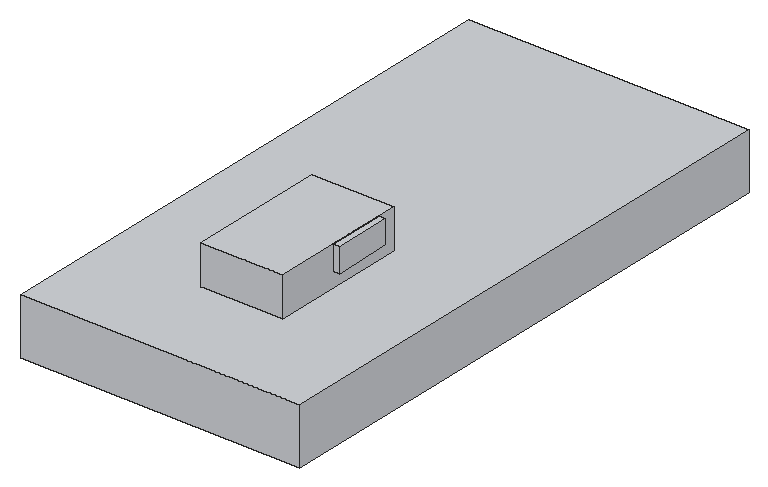
Revit family "M_Desconectar interruptores", category Equipamento elétrico, Revit 2019
Family settings
  Hospedeiro = Face
  Cota do conector redondo = Utilizar diâmetro
  Tipo de parte = Interruptor do equipamento
  Número OmniClass = 23.80.50.11.14
  Título OmniClass = Switches
  ID de item do Seek = Disconnect Switches-0000-CAN-ENU
  Corte com vazios quando carregada = Não
  Compartilhado = Não
  Ponto de cálculo do ambiente = Não
Parameters (values of type "480 V - Não-fusível 200 A")
  lll = Largura * 0.5  # 234.95 mm
  Largura = 469.9 mm
  W1 = 435.1 mm
  Voltagem do interruptor = 480 V
  Número de pólos = 3
  Classificação de carga = Potência
  Altura = 736.6 mm
  H2 = 101.6 mm
  H1 = 304.8 mm
  Linear = 209.6 mm
  Elevação-padrão = 1200 mm
  D1 = 127 mm
  Carga aparente fase C [instance] = 0 VA
  Carga aparente fase B [instance] = 0 VA
  Carga aparente fase A [instance] = 0 VA
Types (23, lengths in mm): name | lll | Largura | W1 | Voltagem do interruptor | Número de pólos | Altura | H2 | H1 | Linear | D1
  (no name) | 234.95 | 469.9 | 435.1 | 480 V | 3 | 736.6 | 101.6 | 304.8 | 209.6 | 127
  240 V - Não-fusível 30 A | 95.9 | 191.8 | 165.1 | 240 V | 2 | 370.9 | 50.8 | 254 | 123.9 | 101.6
  240 V - Não-fusível 60 A | 133.35 | 266.7 | 228.6 | 240 V | 2 | 444.5 | 50.8 | 254 | 162 | 101.6
  240 V - Não-fusível 100 A | 133.35 | 266.7 | 215.9 | 240 V | 2 | 539.8 | 76.2 | 254 | 162 | 101.6
  240 V - Não-fusível 200 A | 234.95 | 469.9 | 435.1 | 240 V | 2 | 736.6 | 101.6 | 304.8 | 209.6 | 127
  240 V - Não-fusível 400 A | 350.9 | 701.8 | 663.7 | 240 V | 2 | 1276.4 | 101.6 | 304.8 | 257.3 | 127
  240 V - Não-fusível 600 A | 350.9 | 701.8 | 663.7 | 240 V | 2 | 1276.4 | 101.6 | 304.8 | 257.3 | 127
  480 V - Não-fusível 30 A | 95.9 | 191.8 | 165.1 | 480 V | 3 | 370.9 | 50.8 | 254 | 123.9 | 101.6
  480 V - Não-fusível 60 A | 133.35 | 266.7 | 228.6 | 480 V | 3 | 444.5 | 50.8 | 254 | 162 | 101.6
  480 V - Não-fusível 100 A | 133.35 | 266.7 | 215.9 | 480 V | 3 | 539.8 | 76.2 | 254 | 162 | 101.6
  480 V - Não-fusível 200 A | 234.95 | 469.9 | 435.1 | 480 V | 3 | 736.6 | 101.6 | 304.8 | 209.6 | 127
  480 V - Não-fusível 400 A | 350.9 | 701.8 | 663.7 | 480 V | 3 | 1276.4 | 101.6 | 304.8 | 257.3 | 127
  480 V - Não-fusível 600 A | 350.9 | 701.8 | 663.7 | 480 V | 3 | 1276.4 | 101.6 | 304.8 | 257.3 | 127
  240 V - Fusível 30 A | 95.9 | 191.8 | 165.1 | 240 V | 2 | 370.9 | 50.8 | 254 | 123.9 | 101.6
  240 V - Fusível 60 A | 95.9 | 191.8 | 165.1 | 240 V | 2 | 370.9 | 50.8 | 254 | 123.9 | 101.6
  240 V - Fusível 100 A | 133.35 | 266.7 | 215.9 | 240 V | 2 | 539.8 | 101.6 | 304.8 | 162 | 101.6
  240 V - Fusível 200 A | 234.95 | 469.9 | 435.1 | 240 V | 2 | 736.6 | 101.6 | 304.8 | 209.6 | 101.6
  240 V - Fusível 400 A | 354.05 | 708.1 | 670 | 240 V | 2 | 1276.4 | 304.8 | 101.6 | 257.3 | 101.6
  480 V - Fusível 30 A | 95.9 | 191.8 | 165.1 | 480 V | 3 | 370.9 | 50.8 | 254 | 123.9 | 101.6
  480 V - Fusível 60 A | 133.35 | 266.7 | 228.6 | 480 V | 3 | 444.5 | 50.8 | 254 | 162 | 101.6
  480 V - Fusível 100 A | 133.35 | 266.7 | 215.9 | 480 V | 3 | 539.8 | 101.6 | 304.8 | 162 | 101.6
  480 V - Fusível 200 A | 234.95 | 469.9 | 435.1 | 480 V | 3 | 736.6 | 101.6 | 304.8 | 209.6 | 101.6
  480 V - Fusível 400 A | 350.9 | 701.8 | 663.7 | 480 V | 3 | 1276.4 | 304.8 | 101.6 | 257.3 | 101.6
Reference planes
  plane 1 "Centro (Frente/Trás)": y = 0
  plane 2: z = 0
  plane 3 "Centro (Esquerda/Direita)": x = 0
  plane 4: x = -234.95
  plane 5: x = 234.95
  plane 6: y = -736.6
  plane 7: z = 209.6
  plane 8: x = 336.55
  plane 9: z = 104.8
  plane 10: y = -101.6
  plane 11: y = -406.4
  plane 12: x = 200.15
  plane 13: z = 82.6
Forms (mm)
  Extrusion 1, solid
    sketch origin (-510.114, -41.457, 0) x (1, 0, 0) y (0, 1, 0)
      loop
        line (-266.7, 1759) -> (-266.7, -1219.2) -> (1219.2, -1219.2) -> (1219.2, 1759) -> (-266.7, 1759)
    from 0 to -300
  Extrusion 2, solid, detail levels coarse+medium
    sketch origin (0, 0, 0) x (1, 0, 0) y (0, 1, 0)
      loop
        line (-234.95, 0) -> (-234.95, -736.6) -> (234.95, -736.6) -> (234.95, 0) -> (-234.95, 0)
    from 0 to 209.6
  Extrusion 3, solid, detail levels fine
    sketch origin (0, 0, 0) x (1, 0, 0) y (0, 1, 0)
      loop
        line (234.95, -101.6) -> (200.15, -101.6) -> (200.15, -406.4) -> (234.95, -406.4) -> (234.95, -101.6)
    from 209.6 to 82.6
  Extrusion 4, solid, detail levels fine
    sketch origin (0, 0, 0) x (1, 0, 0) y (0, 1, 0)
      loop
        line (-234.95, 0) -> (-234.95, -736.6) -> (200.15, -736.6) -> (200.15, 0) -> (-234.95, 0)
    from 0 to 209.6
Lines and regions (mm)
  symbolic lines, detail levels coarse+medium
    curve 1: line (234.95, 0, 104.8) -> (336.55, 0, 104.8)
    curve 2: line (336.55, 0, 209.6) -> (336.55, 0, 104.8)
Dimensions and locks
  equal spacing: plane 4, plane 3 "Centro (Esquerda/Direita)", plane 5
  "Largura": plane 4 to plane 5
  "Altura": plane 1 "Centro (Frente/Trás)" to plane 6
  "Linear": plane 7 to level
  equal spacing: level, plane 9, plane 7
  "H1": plane 10 to plane 11
  "H2": plane 1 "Centro (Frente/Trás)" to plane 10
  "W1": plane 4 to plane 12
  "D1": plane 7 to plane 13
  locked: plane 8 to plane 5 at 101.6
  aligned and locked: plane 2 to Extrusion 1
  aligned and locked: level to Extrusion 1
  aligned and locked: Extrusion 2 to plane 1 "Centro (Frente/Trás)"
  aligned and locked: Extrusion 2 to plane 4
  aligned and locked: Extrusion 2 to plane 6
  aligned and locked: plane 5 to Extrusion 2
  aligned and locked: plane 7 to Extrusion 2
  aligned and locked: curve 1 to plane 9
  aligned and locked: plane 8 to curve 2
  aligned and locked: Extrusion 3 to plane 10
  aligned and locked: Extrusion 3 to plane 11
  aligned and locked: Extrusion 3 to plane 12
  aligned and locked: plane 5 to Extrusion 3
  aligned and locked: plane 7 to Extrusion 3
  aligned and locked: Extrusion 3 to plane 13
  aligned and locked: Extrusion 4 to plane 6
  aligned and locked: Extrusion 4 to plane 1 "Centro (Frente/Trás)"
  aligned and locked: plane 12 to Extrusion 4
  aligned and locked: Extrusion 4 to plane 4
  aligned and locked: plane 7 to Extrusion 4
  aligned and locked: Extrusion 4 to level
Automatic sketch dimensions
  plane 4 to Extrusion 2 sketch curve = 0 mm
  Extrusion 2 sketch curve to plane 5 = 0 mm
  plane 6 to Extrusion 2 sketch curve = 0 mm
  plane 1 "Centro (Frente/Trás)" to Extrusion 2 sketch curve = 0 mm
  curve 1 to plane 5 = 0 mm
  curve 2 to plane 7 = 0 mm
  plane 1 "Centro (Frente/Trás)" to Extrusion 3 sketch curve = 406.4 mm
  plane 8 to Extrusion 3 sketch curve = 101.6 mm
  Extrusion 3 sketch curve to Extrusion 3 sketch curve = 34.8 mm
  Extrusion 3 sketch curve to Extrusion 3 sketch curve = 304.8 mm
  plane 1 "Centro (Frente/Trás)" to Extrusion 4 sketch curve = 736.6 mm
  Extrusion 4 sketch curve to plane 4 = 0 mm
  Extrusion 4 sketch curve to Extrusion 4 sketch curve = 435.1 mm
  Extrusion 4 sketch curve to Extrusion 4 sketch curve = 736.6 mm
  Extrusion 1 sketch curve to Extrusion 1 sketch curve = 1485.9 mm
  Extrusion 1 sketch curve to Extrusion 1 sketch curve = 2978.2 mm
Connectors
  electrical at (-17.4, 0, 104.8), driven by "Carga aparente fase A", driven by "Número de pólos", driven by "Voltagem do interruptor", driven by "Carga aparente fase B", driven by "Carga aparente fase C", driven by "Classificação de carga"
    settings: on Extrusion 4, index 1, voltage 480 V, apparent load 0 VA, apparent load phase1 0 VA, apparent load phase2 0 VA, apparent load phase3 0 VA, power factor 1, load classification "Potência", number of poles 3, system type 31, power factor state 1, is connector primary yes, connector utility no, sub classification motor no, connector description ""
